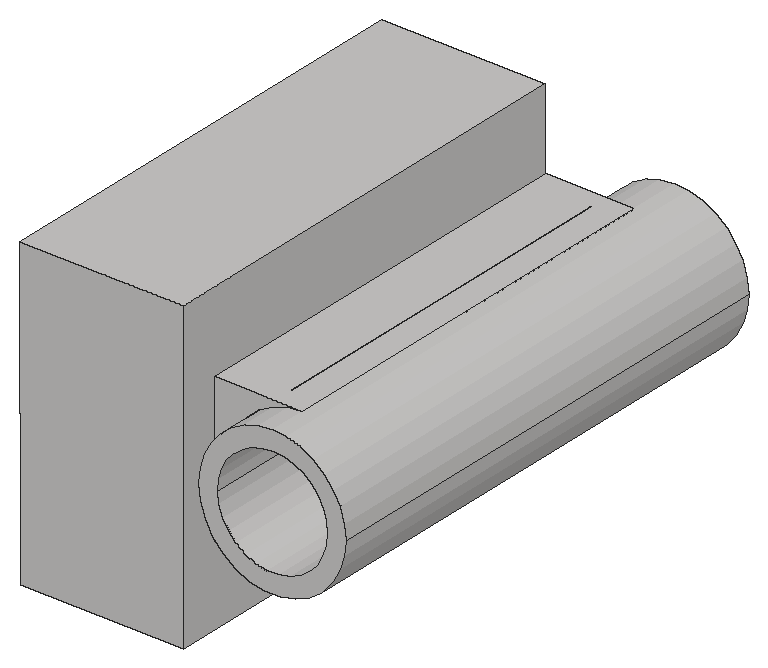
Revit family
Parameters
  Unit Weight = "19.0 lbs"
  URL = "http://www.titus-hvac.com/"
  Static Pressure [instance] = 0.00 in-wg
  Nominal Width = 1' - 1"
  Nominal Length = 1' - 8"
  Nominal Inlet Size = 0' - 5"
  Nominal Inlet Length = 1' - 8"
  Nominal Height = 1' - 0 1/4"
  Model = "DECV"
  Min. Air Flow = 0 CFM
  Max. Air Flow = 350 CFM
  Material = Steel
  Manufacturer = "Titus"
  Inlet Radius = 0' - 2 15/16"
  Inlet Opening Radius = 0' - 2 3/16"
  Inlet Offset = 0' - 2"
  Inlet Extrusion Radius = 0' - 2 15/16"
  Inlet Diameter = 0' - 5 7/8"
  Inlet = Duct D / 2  # 0' - 2 7/16"
  Duct D = 0' - 4 7/8"
  Design Air Flow [instance] = 0 CFM
  Description = "Digital Control Terminal Unit, Retrofit, Variable Volume"
  Control Box Offset = 0' - 3 9/16"
  CADworks URL = "www.CADworks.net"
  Assembly Code = "D3040100"
Reference planes (in)
  plane 1 "Center (Front/Back)": y = 0
  plane 2: z = 0
  plane 3 "Center (Left/Right)": x = 0
  plane 4: x = -3.5625
  plane 5: y = 8
  plane 6: y = 10
  plane 7: y = -10
  plane 8: y = -10
  plane 9: z = 6.125
  plane 10: z = -6.125
  plane 11: x = -10.0625
  plane 12: x = 2.9375
Forms (in)
  Extrusion 1, solid, material "Steel" <- "Material"
    sketch origin (0, 6, 0) x (-1, 0, 0) y (0, 0, -1)
      loop
        line (3.5625, -6.125) -> (10.0625, -6.125) -> (10.0625, 6.125) -> (3.5625, 6.125) -> (3.5625, -6.125)
    from -2 to 16
  Extrusion 2, solid, material "Steel" <- "Material"
    sketch origin (0, 10, 0) x (1, 0, 0) y (0, 0, 1)
      loop
        line (-3.5625, -2.9375) -> (0, -2.9375)
        arc (0, -2.9375) -> (-2.9375, 0) -> (0, 2.9375) r 2.9375
        line (0, 2.9375) -> (-3.5625, 2.9375) -> (-3.5625, -2.9375)
    from 2 to 18.5
  Extrusion 3, solid, material "Steel" <- "Material"
    sketch origin (0, -8.5, 0) x (1, 0, 0) y (0, 0, 1)
      loop
        circle (0, 0) r 2.9375
    from -18.5 to 1.5
  Extrusion 4, void
    sketch origin (0, -10, 0) x (-1, 0, 0) y (0, 0, 1)
      loop
        circle (0, 0) r 2.1875
    from 0 to 24
Cuts and joins
  Extrusion 4 cuts Extrusion 2
  Extrusion 4 cuts Extrusion 3
Dimensions and locks (in)
  locked: Extrusion 1 to Extrusion 1 at 18
  locked: Extrusion 3 sketch curve to level at 0
  locked: Extrusion 3 sketch curve to plane 3 "Center (Left/Right)" at 0
  "Control Box Offset": plane 3 "Center (Left/Right)" to Extrusion 1
  locked: Extrusion 1 sketch curve to Extrusion 1 sketch curve at 6.5
  locked: Extrusion 1 sketch curve to Extrusion 1 sketch curve at 12.25
  equal spacing: Extrusion 1 sketch curve, plane 2, Extrusion 1 sketch curve
  "Inlet Offset": plane 6 to plane 5
  locked: Extrusion 1 to plane 5 at 0
  "Inlet Diameter": Extrusion 2 sketch curve to Extrusion 2 sketch curve
  equal spacing: Extrusion 2 sketch curve, plane 2, Extrusion 2 sketch curve
  "Control Box Offset": plane 4 to plane 3 "Center (Left/Right)"
  "Inlet Offset": plane 6 to cut or joined group of Extrusion 2, Extrusion 4
  locked: cut or joined group of Extrusion 3, Extrusion 4 to plane 6 at 0
  "Nominal Inlet Length": cut or joined group of Extrusion 3, Extrusion 4 to cut or joined group of Extrusion 3, Extrusion 4
  equal spacing: cut or joined group of Extrusion 3, Extrusion 4, plane 1 "Center (Front/Back)", cut or joined group of Extrusion 3, Extrusion 4
  "Nominal Inlet Length": plane 7 to plane 6
  equal spacing: plane 7, plane 1 "Center (Front/Back)", plane 6
  locked: plane 7 to cut or joined group of Extrusion 2, Extrusion 4 at 1.5
  locked: plane 8 to plane 6 at 20
  locked: plane 9 to plane 10 at 12.25
  "Inlet Radius": radius of Extrusion 3 sketch curve
  "Inlet Extrusion Radius": radius of Extrusion 2 sketch curve
  "Inlet Opening Radius": radius of Extrusion 4 sketch curve
  aligned and locked: plane 3 "Center (Left/Right)" to connector elem
  aligned and locked: connector elem to plane 3 "Center (Left/Right)"
  aligned and locked: cut or joined group of Extrusion 2, Extrusion 4 to Extrusion 1  (x2)
  aligned and locked: plane 3 "Center (Left/Right)" to Extrusion 2 sketch curve
  aligned and locked: plane 4 to Extrusion 1
Automatic sketch dimensions
  plane 4 to Extrusion 1 sketch curve = 0' - 0"
  Extrusion 2 sketch curve to plane 4 = 0' - 0"
Connectors (in)
  hvac at (0, -10, 0), driven by "Design Air Flow", driven by "Inlet", driven by "Static Pressure"
    settings: on cut or joined group of Extrusion 3, Extrusion 4, index 1
  hvac at (0, 10, 0), driven by "Static Pressure", driven by "Design Air Flow", driven by "Inlet"
    settings: on cut or joined group of Extrusion 3, Extrusion 4, index 2
